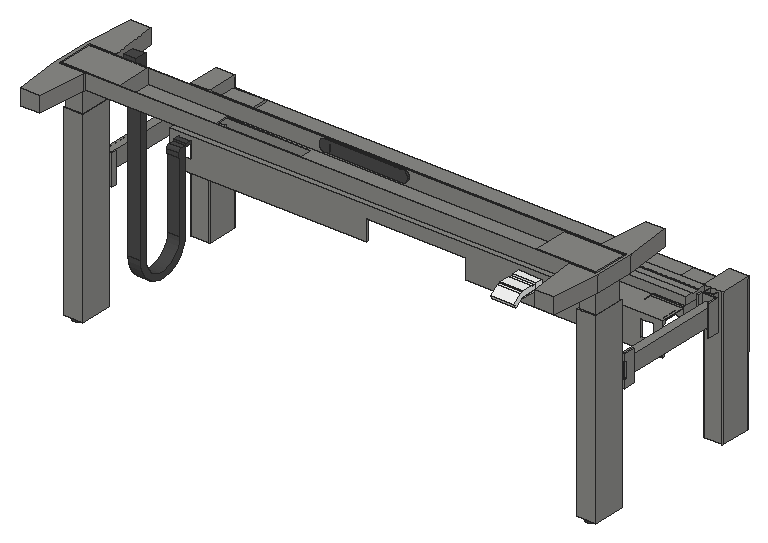
Revit family "Support-Teknion-HNBFNZ_Navigate_Single_Sided_Frame-R2016", category Furniture, Revit 2016
Family settings
  OmniClass Number = 23.40.20.00
  OmniClass Title = General Furniture and Specialties
  Work Plane-Based = No
  Always vertical = Yes
  Cut with Voids When Loaded = No
  Shared = Yes
  Room Calculation Point = No
Parameters (values of type "Standard Electric (27" - 43")")
  e-Chain Manager Finish [instance] = Plastic - Teknion - E - Ebony
  Wire Channel Finish [instance] = Paint - Teknion - Mica - Anthracite
  Width [instance] = 70.000"
  Warranty = "http://www.teknion.com/ca/papers/legal-canada"
  Unit Weight URL = "http://www.teknion.com/ca/tools/assets#&asset=bee6a381-b954-425e-8283-5a2de3a804f2,f828d448-4b62-4231-9e5f-9a8991c0ed77"
  URL = "www.teknion.com"
  To render please download texture images found here [instance] = "https://assets.teknion.com/web/5e81352c1dfdb467/revit-material-swatches/"
  Sustainability Data = "https://www.teknion.com/ca/tools/assets#&topic=216f99a5-57a0-44fc-b10a-9dee9b29ae4c&asset=444deb64-fe58-4b68-981e-f75e97781df7,b4ff2d81-9f2e-437d-9659-7cffb09c31cf"
  Single-Sided (A) [instance] = yes
  Single Sided (B) [instance] = no
  Right e-Chain [instance] = not([Left e-Chain])  # no
  Left e-Chain [instance] = yes
  Series = "Height-Adjustable Bench"  # constant formula
  Product Page URL = "https://www.teknion.com/ca/products/product-details?productLineId=7951336e-8e7a-673b-a6c8-ff00004460c4"
  Product Line = "Navigate"  # constant formula
  Product Documentation Link = "https://www.teknion.com/pricing/hab/pdfs/HNBFNZ_ppg.pdf"
  Power Tray Finish [instance] = Paint - Teknion - Mica - Anthracite
  Power Accessory Finish [instance] = Plastic - Teknion - White
  Part Number = "HNBFNZ"  # constant formula
  Outer Leg Layer Height = if(Extended Electrics Extended, 17.953", 22.736")  # 22.736"
  Not Extend Electrics Extended = not(Extended Electrics Extended)  # yes
  No Wire Channel [instance] = no
  Navigate Mid Gable - Metal (B) [instance] = no
  Navigate Mid Gable - Metal (A) [instance] = no
  Model = "HNBFNZ7S_"
  Mid Cover Finish [instance] = Paint - Teknion - Mica - Anthracite
  Manufacturer Phone = "416-661-3370"  # constant formula
  Manufacturer Fax = "416.661.4586"  # constant formula
  Manufacturer Contact Information = "http://www.teknion.com/ca/contactus"
  Manufacturer Address = "1150 Flint Road, Toronto, ON. M3J 2J5. Canada"  # constant formula
  Manufacturer = "Teknion"  # constant formula
  How To Use Teknion Materials User Guide [instance] = "https://assets.teknion.com/m/205dd0a49fa58060/original/How-to-add-a-Material-Library-and-Texture-Images-to-your-Revit-project.pdf"
  Horizontal Power Module [instance] = no
  Height [instance] = 29.000"
  Has Navigate Wire Channel [instance] = or([Single-Sided (A)], [Single Sided (B)])  # yes
  Depth of Mid Gable [instance] = if(Depth = 24.000", 21.361", 24.361")  # 24.361"
  Base Feed Cover Finish [instance] = Paint - Teknion - Mica - Anthracite
  Base Feed Cover (B) [instance] = no
  Base Feed Cover (A) [instance] = no
  Actual Height [instance] = Height - 1.000"  # 28.000"
  (HNBFCN)-Navigate Wire Channel Settings [instance] = "Select 1 of 3 options below"  # constant formula
  Frame Finish [instance] = Paint - Teknion - Mica - Anthracite
  Frame Cutout Offset [instance] = if(or(Width < 46.000", Width = 46.000"), 1.835", if(Width = 52.000", 4.835", 5.335"))  # 5.335"
  For Additional Finishes please visit [instance] = "https://assets.teknion.com/m/44a8009b046e5d47/original/Teknion_Materials_Library.zip"
  Description = "Navigate Single-Sided Frame, Standard Electric"
  Depth [instance] = 30.000"
  Available Widths [instance] = "46, 52, 58, 64, 70, 76, 82, 88, and 94 inches"  # constant formula
  Available Heights [instance] = if(Standard Electric, "27 Inches to 43 Inches", if(Extended Electrics Restricted, "25 Inches to 48.7 Inches", "22.6 Inches to 48.7 Inches"))  # "27 Inches to 43 Inches"
  Available Depths [instance] = "22, 23, 28, 29, 34, 35 inches"  # constant formula
  Assembly Code = "E2020200"
  Actual Width [instance] = Width - 3.610"  # 66.390"
  Actual Depth [instance] = if(Depth = 24.000", 26.856", if(Depth < 24.000", 26.856", 29.856"))  # 29.856"
  Extended Electrics Extended = no
  Extended Electrics Restricted = no
  Standard Electric = yes
  (HNBEPM) Navigate Power Module [instance] = "Select to turn on or off"  # constant formula
  (HNBEEE) Navigate e-Chain Vertical Cable Manager [instance] = "Select Orientation of each side"  # constant formula
  (HNBEBC) Navigate Base Feed Cover [instance] = "Select none or one of the options below"  # constant formula
  (HNBCGMMS) Navigate Single-Sided Mid Gable - Metal [instance] = "Select none, 1 or both options below. Select if power pole configuration is reuqired."  # constant formula
Reference planes (in)
  plane 1 "Center Front/Back": y = -6.78636
  plane 2: z = 0
  plane 3 "Center Left/Right": x = 0.04659
  plane 4 "Left": x = -34.95341
  plane 5 "Right": x = 35.04659
  plane 6 "Back": y = 6.99996
  plane 7 "Front": y = -23.00004
  plane 8 "Top": z = 28
  plane 9: y = 8.14164
  plane 10: x = 33.24159
  plane 11: y = -21.71436
  plane 12: x = -33.14841
  plane 13: z = 26.18898
  plane 14: z = 18.28633
  plane 15: z = 22.23765
  plane 16 "LEFT Reference for Frame Run": x = -35.93142
  plane 17 "RIGHT Reference for Frame Run": x = 36.02461
  plane 18 "Snap End Screen Here Left": x = -35.82728
  plane 19 "Snap End Screen Here Right": x = 35.92047
  plane 20: y = 8.68159
  plane 21: y = -15.67941
Forms (in)
  Sweep 1, solid, material "Paint - Teknion - Mica - Anthracite" <- "Frame Finish"
    path origin (-0.00321, -6.78636, 0) x (1, 0, 0) y (0, 0, 1)
      loop
        line (0.04659, 0.33333) -> (0.04659, 23.06933)
    profile origin (0.04338, -6.78636, 11.70133) x (-1, 0, 0) y (0, -1, 0)
      loop
        line (32.53919, 8.43202) -> (30.17698, 8.43202) -> (30.17698, 4.49501) -> (32.53919, 4.49501) -> (32.53919, 8.43202)
      loop
        line (-32.53919, 8.43202) -> (-32.53919, 4.49501) -> (-30.17698, 4.49501) -> (-30.17698, 8.43202) -> (-32.53919, 8.43202)
  Sweep 2, solid, material "Paint - Teknion - Mica - Anthracite" <- "Frame Finish", visible <- "Not Extend Electrics Extended"
    path origin (0.01078, -6.78636, 0) x (1, 0, 0) y (0, 0, 1)
      loop
        line (0.04659, 3.51183) -> (0.04659, 26.18898)
    profile origin (0.05737, -6.78636, 14.8504) x (-1, 0, 0) y (0, -1, 0)
      loop
        line (30.38783, 8.23519) -> (30.38783, 4.69186) -> (32.35634, 4.69186) -> (32.35634, 8.23519) -> (30.38783, 8.23519)
      loop
        line (-30.36641, 8.23519) -> (-32.33492, 8.23519) -> (-32.33492, 4.69186) -> (-30.36641, 4.69186) -> (-30.36641, 8.23519)
  Sweep 3, solid, material "Paint - Teknion - Mica - Anthracite" <- "Frame Finish"
    path origin (0, -6.78636, 0) x (1, 0, 0) y (0, 0, 1)
      loop
        line (0.04659, 26.07087) -> (0.04659, 28)
    profile origin (0.04659, -6.78636, 27.03543) x (-1, 0, 0) y (0, -1, 0)
      loop
        line (32.60445, 14.92811) -> (30.24224, 14.92811) -> (29.65169, 8.98322) -> (29.65169, 8.79337) -> (32.73256, 8.79337) -> (32.73256, 4.13371) -> (29.65169, 4.13371) -> (29.65169, 3.94385) -> (30.24224, -2.00103) -> (32.60445, -2.00103) -> (33.195, 3.94385) -> (33.195, 8.98322) -> (32.60445, 14.92811)
      loop
        line (-32.60445, 14.92811) -> (-33.195, 8.98322) -> (-33.195, 3.94385) -> (-32.60445, -2.00103) -> (-30.24224, -2.00103) -> (-29.65169, 3.94385) -> (-29.65169, 4.13371) -> (-32.73256, 4.13371) -> (-32.73256, 8.79337) -> (-29.65169, 8.79337) -> (-29.65169, 8.98322) -> (-30.24224, 14.92811) -> (-32.60445, 14.92811)
  Sweep 4, solid, material "Paint - Teknion - Mica - Anthracite" <- "Frame Finish"
    path origin (-0.04659, -6.78636, 0) x (1, 0, 0) y (0, 0, 1)
      loop
        line (0.04659, 26.18898) -> (0.04659, 28)
    profile origin (0, -6.78636, 27.09449) x (-1, 0, 0) y (0, -1, 0)
      loop
        line (25.44857, 8.62889) -> (25.44857, 4.29819) -> (32.69266, 4.29819) -> (32.69266, 8.62889) -> (25.44857, 8.62889)
      loop
        line (-25.5419, 8.62889) -> (-32.78599, 8.62889) -> (-32.78599, 4.29819) -> (-25.5419, 4.29819) -> (-25.5419, 8.62889)
  Sweep 5, solid, material "Paint - Teknion - Mica - Anthracite" <- "Frame Finish"
    path origin (0, 0, 0) x (1, 0, 0) y (0, 1, 0)
      loop
        line (-32.68573, -6.78636) -> (32.77892, -6.78636)
    profile origin (0.04659, -6.78636, 0) x (0, 1, 0) y (0, 0, 1)
      loop
        line (-8.75712, 28) -> (-8.75712, 26.08438) -> (-4.16996, 26.08438) -> (-4.16996, 28) -> (-4.27456, 28) -> (-4.27456, 26.18898) -> (-8.65252, 26.18898) -> (-8.65252, 28) -> (-8.75712, 28)
  Sweep 6, solid, material "Paint - Teknion - Mica - Anthracite" <- "Frame Finish"
    path origin (0, -6.78636, 0) x (1, 0, 0) y (0, 0, 1)
      loop
        line (0.04659, 13.02835) -> (0.04659, 16.79213)
    profile origin (0.04659, -6.78636, 14.91024) x (-1, 0, 0) y (0, -1, 0)
      loop
        line (32.36225, 2.40842) -> (32.36225, 3.78637) -> (30.3465, 3.78637) -> (30.3465, 3.19582) -> (30.48099, 3.19582) -> (30.48099, 3.65189) -> (32.22776, 3.65189) -> (32.22776, 2.40842) -> (32.36225, 2.40842)
      loop
        line (-32.36932, 2.38342) -> (-32.23483, 2.38342) -> (-32.23483, 3.62689) -> (-30.48806, 3.62689) -> (-30.48806, 3.17082) -> (-30.35357, 3.17082) -> (-30.35357, 3.76137) -> (-32.36932, 3.76137) -> (-32.36932, 2.38342)
      loop
        line (32.36918, -8.87938) -> (32.23469, -8.87938) -> (32.23469, -10.12284) -> (30.48792, -10.12284) -> (30.48792, -9.66678) -> (30.35343, -9.66678) -> (30.35343, -10.25733) -> (32.36918, -10.25733) -> (32.36918, -8.87938)
      loop
        line (-32.46241, -8.87938) -> (-32.46241, -10.25733) -> (-30.44666, -10.25733) -> (-30.44666, -9.66678) -> (-30.58115, -9.66678) -> (-30.58115, -10.12284) -> (-32.32792, -10.12284) -> (-32.32792, -8.87938) -> (-32.46241, -8.87938)
  Sweep 7, void
    path origin (0, 0, 0) x (1, 0, 0) y (0, 1, 0)
      loop
        line (0.04659, -10.298) -> (0.04659, -11.47823)
    profile origin (0.04659, -10.88812, 0) x (1, 0, 0) y (0, 0, 1)
      loop
        line (-31.97776, 15.9102) -> (-33.195, 15.9102) -> (-33.195, 13.91027) -> (-31.97776, 13.91027) -> (-31.97776, 15.9102)
      loop
        line (31.97776, 15.9102) -> (31.97776, 13.91027) -> (33.195, 13.91027) -> (33.195, 15.9102) -> (31.97776, 15.9102)
  Sweep 8, solid, material "Paint - Teknion - Mica - Anthracite" <- "Frame Finish"
    path origin (0, -6.78636, 0) x (1, 0, 0) y (0, 0, 1)
      loop
        line (0.04659, 16.91024) -> (0.04659, 12.91024)
    profile origin (0.04659, -6.78636, 14.91024) x (0, -1, 0) y (1, 0, 0)
      loop
        line (4.49501, -31.94493) -> (4.49501, -31.81044) -> (3.92086, -31.81044) -> (3.92086, -30.89831) -> (4.49501, -30.89831) -> (4.49501, -30.76382) -> (3.78637, -30.76382) -> (3.78637, -31.94493) -> (4.49501, -31.94493)
      loop
        line (4.49501, 31.95199) -> (3.78637, 31.95199) -> (3.78637, 30.77089) -> (4.49501, 30.77089) -> (4.49501, 30.90538) -> (3.92086, 30.90538) -> (3.92086, 31.81751) -> (4.49501, 31.81751) -> (4.49501, 31.95199)
      loop
        line (-10.99097, -31.95176) -> (-10.28233, -31.95176) -> (-10.28233, -30.77066) -> (-10.99097, -30.77066) -> (-10.99097, -30.90515) -> (-10.41682, -30.90515) -> (-10.41682, -31.81727) -> (-10.99097, -31.81727) -> (-10.99097, -31.95176)
      loop
        line (-10.99099, 31.95199) -> (-10.99099, 31.81751) -> (-10.41684, 31.81751) -> (-10.41684, 30.90538) -> (-10.99099, 30.90538) -> (-10.99099, 30.77089) -> (-10.28236, 30.77089) -> (-10.28236, 31.95199) -> (-10.99099, 31.95199)
  Sweep 9, solid, material "Paint - Teknion - Mica - Anthracite" <- "Frame Finish"
    path origin (-0.0466, 0, 0) x (1, 0, 0) y (0, 1, 0)
      loop
        line (0.04659, 3.33648) -> (0.04659, -10.43825)
    profile origin (0, -3.55089, 0) x (1, 0, 0) y (0, 0, 1)
      loop
        line (-31.1881, 16.1089) -> (-32.1881, 16.1089) -> (-32.1881, 14.10893) -> (-31.1881, 14.10893) -> (-31.1881, 16.1089)
      loop
        line (-32.0631, 15.9839) -> (-32.0631, 14.2339) -> (-31.3131, 14.2339) -> (-31.3131, 15.9839) -> (-32.0631, 15.9839)
      loop
        line (31.28142, 16.1089) -> (31.28142, 14.10893) -> (32.28142, 14.10893) -> (32.28142, 16.1089) -> (31.28142, 16.1089)
      loop
        line (32.15642, 15.9839) -> (31.40642, 15.9839) -> (31.40642, 14.2339) -> (32.15642, 14.2339) -> (32.15642, 15.9839)
  Sweep 10, void
    path origin (0, -6.78636, 0) x (1, 0, 0) y (0, 0, 1)
      loop
        line (0.04659, 25.5) -> (0.04659, 28)
    profile origin (0.04659, -6.78636, 26.75) x (-1, 0, 0) y (0, -1, 0)
      loop
        line (29.97642, 4.27456) -> (32.73233, 4.27456) -> (32.73233, 8.65252) -> (29.97642, 8.65252) -> (29.97642, 4.27456)
      loop
        line (-29.97642, 4.27456) -> (-29.97642, 8.65252) -> (-32.73233, 8.65252) -> (-32.73233, 4.27456) -> (-29.97642, 4.27456)
  Sweep 11, void
    path origin (0, -6.78636, 0) x (1, 0, 0) y (0, 0, 1)
      loop
        line (0.04659, 28) -> (0.04659, 25.5)
    profile origin (0.04659, -6.78636, 26.75) x (0, -1, 0) y (1, 0, 0)
      loop
        line (4.54398, -15.68933) -> (8.3831, -15.68933) -> (8.3831, -5.335) -> (4.54398, -5.335) -> (4.54398, -15.68933)
  Sweep 12, void
    path origin (0, 0, 0) x (1, 0, 0) y (0, 1, 0)
      loop
        line (0.04659, -13.21436) -> (0.04659, -10.71436)
    profile origin (0.04659, -11.96436, 0) x (-1, 0, 0) y (0, 0, 1)
      loop
        line (3.24921, 27.74409) -> (1.81102, 27.74409) -> (1.81102, 26.64173) -> (3.24921, 26.64173) -> (3.24921, 27.74409)
      loop
        line (1.33858, 26.64173) -> (1.33858, 27.74409) -> (0.23622, 27.74409) -> (0.23622, 26.64173) -> (1.33858, 26.64173)
      loop
        line (-0.23622, 27.74409) -> (-1.33858, 27.74409) -> (-1.33858, 26.64173) -> (-0.23622, 26.64173) -> (-0.23622, 27.74409)
      loop
        line (-1.81102, 26.64173) -> (-1.81102, 27.74409) -> (-2.91339, 27.74409) -> (-2.91339, 26.64173) -> (-1.81102, 26.64173)
      loop
        line (-3.89665, 26.75886) -> (-3.89665, 27.62697) -> (-4.76476, 27.62697) -> (-4.76476, 26.75886) -> (-3.89665, 26.75886)
  Sweep 13, solid, material "Plastic - Teknion - E - Ebony"
    path origin (0, 0, 0) x (1, 0, 0) y (0, 1, 0)
      loop
        line (0.04659, -11.06093) -> (0.04659, -11.19872)
    profile origin (0.04659, -11.12982, 0) x (1, 0, 0) y (0, 0, 1)
      loop
        arc (6.3189, 27.31103) -> (6.14593, 27.72861) -> (5.72835, 27.90158) r 0.59055
        line (5.72835, 27.90158) -> (-3.83858, 27.90158)
        arc (-3.83858, 27.90158) -> (-4.25617, 27.72861) -> (-4.42913, 27.31103) r 0.59055
        line (-4.42913, 27.31103) -> (-4.42913, 27.07481)
        arc (-4.42913, 27.07481) -> (-4.25617, 26.65722) -> (-3.83858, 26.48426) r 0.59055
        line (-3.83858, 26.48426) -> (5.72835, 26.48426)
        arc (5.72835, 26.48426) -> (6.14593, 26.65722) -> (6.3189, 27.07481) r 0.59055
        line (6.3189, 27.07481) -> (6.3189, 27.31103)
  Sweep 14, solid, material "Paint - Teknion - Mica - Anthracite" <- "Frame Finish", visible <- "Extended Electrics Extended"
    path origin (0.01078, -6.78636, 0) x (1, 0, 0) y (0, 0, 1)
      loop
        line (0.04659, 22.23765) -> (0.04659, 4.59965)
    profile origin (0.05737, -6.78636, 13.41865) x (0, -1, 0) y (1, 0, 0)
      loop
        line (8.23519, -32.35634) -> (8.23519, -30.38783) -> (4.69189, -30.38783) -> (4.69189, -32.35634) -> (8.23519, -32.35634)
      loop
        line (8.23519, 32.33492) -> (4.69189, 32.33492) -> (4.69189, 30.36641) -> (8.23519, 30.36641) -> (8.23519, 32.33492)
  Sweep 15, solid, material "Paint - Teknion - Mica - Anthracite" <- "Frame Finish", visible <- "Extended Electrics Extended"
    path origin (0.05367, -6.78636, 0) x (1, 0, 0) y (0, 0, 1)
      loop
        line (0.04659, 26.18898) -> (0.04659, 9.04298)
    profile origin (0.10026, -6.78636, 17.61598) x (0, -1, 0) y (1, 0, 0)
      loop
        line (8.03834, -32.14178) -> (8.03834, -30.56697) -> (4.88874, -30.56697) -> (4.88874, -32.14178) -> (8.03834, -32.14178)
      loop
        line (8.03834, 32.14178) -> (4.88874, 32.14178) -> (4.88874, 30.56697) -> (8.03834, 30.56697) -> (8.03834, 32.14178)
  Sweep 16, solid, material "Plastic - Teknion - E - Ebony"
    path origin (0.04372, -6.78636, 0) x (1, 0, 0) y (0, 0, 1)
      loop
        line (0.04659, 0) -> (0.04659, 0.13267)
    profile origin (0.09032, -6.78636, 0.06634) x (-1, 0, 0) y (0, -1, 0)
      loop
        circle (31.40197, 7.69936) r 0.59447
      loop
        circle (-31.32077, 7.69936) r 0.59447
      loop
        circle (31.39807, -14.19136) r 0.59447
      loop
        circle (-31.32468, -14.19136) r 0.59447
  Sweep 17, solid, material "Paint - Teknion - Mica - Very White"
    path origin (0, 0, 0) x (1, 0, 0) y (0, 1, 0)
      loop
        line (29.59129, -6.78636) -> (26.76595, -6.78636)
    profile origin (28.17862, -6.78636, 0) x (0, -1, 0) y (0, 0, 1)
      loop
        line (17.18103, 27.03471) -> (16.19559, 27.86159) -> (15.81427, 27.86159) -> (15.81427, 28) -> (14.456, 28) -> (14.456, 27.86159) -> (13.95604, 27.86159) -> (13.95604, 27.35534) -> (16.00904, 27.35534) -> (16.85467, 26.64577) -> (17.18103, 27.03471)
      loop
        line (13.81332, 28) -> (12.94729, 28) -> (12.94729, 27.29921) -> (13.74193, 27.29921) -> (13.85988, 27.18126) -> (15.77254, 27.18126) -> (15.85045, 27.25917) -> (13.92818, 27.25917)
        arc (13.92818, 27.25917) -> (13.84696, 27.29281) -> (13.81332, 27.37403) r 0.11486
        line (13.81332, 27.37403) -> (13.81332, 28)
  Sweep 18, solid, material "Paint - Teknion - Mica - Anthracite" <- "Wire Channel Finish", visible <- "Single-Sided (A)"
    path origin (0.04657, 9.80112, 0) x (1, 0, 0) y (0, 1, 0)
      loop
        line (-30.07991, -6.78636) -> (30.08009, -6.78636)
    profile origin (0.04666, 3.01476, 0) x (0, 1, 0) y (0, 0, 1)
      loop
        line (5, 11.8398) -> (5, 15.8398) -> (1.47638, 15.8398) -> (1.47638, 16.9648) -> (0.54, 16.9648) -> (0.53, 16.7768) -> (-0.53, 16.7768) -> (-0.54, 16.9648) -> (-1.47638, 16.9648) -> (-1.47638, 15.8398) -> (-5, 15.8398) -> (-5, 11.8398) -> (-4.844, 11.8398) -> (-4.844, 12.4648) -> (-4.892, 12.4648) -> (-4.892, 11.89006) -> (-4.952, 11.89006) -> (-4.952, 15.3418) -> (4.952, 15.3418) -> (4.952, 11.89006) -> (4.892, 11.89006) -> (4.892, 12.4648) -> (4.844, 12.4648) -> (4.844, 11.8398) -> (5, 11.8398)
  Sweep 19, void
    path origin (0, 9.80112, 0) x (1, 0, 0) y (0, 1, 0)
      loop
        line (0.04659, -6.78636) -> (0.04659, -12.28636)
    profile origin (0.04659, 0.26476, 0) x (1, 0, 0) y (0, 0, 1)
      loop
        line (-6, 14.3398) -> (-6, 11.8398) -> (6, 11.8398) -> (6, 14.3398) -> (-6, 14.3398)
      loop
        line (-29.0315, 15.2218) -> (-29.0315, 13.2218) -> (-27.4815, 13.2218) -> (-27.4815, 15.2218) -> (-29.0315, 15.2218)
      loop
        line (27.4815, 15.2199) -> (27.4815, 13.2199) -> (29.0315, 13.2199) -> (29.0315, 15.2199) -> (27.4815, 15.2199)
  Sweep 20, void
    path origin (0.04657, -6.78636, 0) x (1, 0, 0) y (0, 0, 1)
      loop
        line (0.04659, 15.7918) -> (0.04659, 10.7918)
    profile origin (0.09316, -6.78636, 13.2918) x (0, -1, 0) y (1, 0, 0)
      loop
        line (-14.64512, -26.0965) -> (-14.64512, -30.1265) -> (-5.17612, -30.1265) -> (-5.17612, -29.7515) -> (-7.17612, -29.7515) -> (-7.17612, -26.0965) -> (-14.64512, -26.0965)
      loop
        line (-14.64512, 26.0035) -> (-7.17612, 26.0035) -> (-7.17612, 29.6585) -> (-5.17612, 29.6585) -> (-5.17612, 30.0335) -> (-14.64512, 30.0335) -> (-14.64512, 26.0035)
  Sweep 21, solid, material "Paint - Teknion - Mica - Anthracite" <- "Wire Channel Finish", visible <- "Has Navigate Wire Channel"
    path origin (-0.04643, 9.80112, 0) x (1, 0, 0) y (0, 1, 0)
      loop
        line (0.04659, -8.57486) -> (0.04659, -2.07486)
    profile origin (0.00016, 4.47626, 0) x (-1, 0, 0) y (0, 0, 1)
      loop
        line (30.1065, 13.8339) -> (30.1065, 15.9918) -> (26.1065, 15.9918) -> (26.1065, 15.63964) -> (30.0015, 14.63188) -> (30.0015, 13.8339) -> (30.1065, 13.8339)
      loop
        line (-30.1995, 13.8339) -> (-30.0945, 13.8339) -> (-30.0945, 14.63188) -> (-26.1995, 15.63964) -> (-26.1995, 15.9918) -> (-30.1995, 15.9918) -> (-30.1995, 13.8339)
  Sweep 22, solid, material "Paint - Teknion - Mica - Anthracite" <- "Wire Channel Finish", visible <- "Single Sided (B)"
    path origin (0.04657, 9.80112, 0) x (1, 0, 0) y (0, 1, 0)
      loop
        line (-30.07991, -6.78636) -> (30.08009, -6.78636)
    profile origin (0.04666, 3.01476, 0) x (0, 1, 0) y (0, 0, 1)
      loop
        line (5, 11.8398) -> (5, 15.8398) -> (1.47638, 15.8398) -> (1.47638, 16.9648) -> (0.54, 16.9648) -> (0.53, 16.7768) -> (-0.53, 16.7768) -> (-0.54, 16.9648) -> (-1.47638, 16.9648) -> (-1.47638, 15.8398) -> (-5, 15.8398) -> (-5, 11.8398) -> (-4.844, 11.8398) -> (-4.844, 12.4648) -> (-4.892, 12.4648) -> (-4.892, 11.89006) -> (-4.952, 11.89006) -> (-4.952, 15.3418) -> (4.952, 15.3418) -> (4.952, 11.89006) -> (4.892, 11.89006) -> (4.892, 12.4648) -> (4.844, 12.4648) -> (4.844, 11.8398) -> (5, 11.8398)
  Sweep 23, void
    path origin (0, 9.80112, 0) x (1, 0, 0) y (0, 1, 0)
      loop
        line (0.04659, -6.78636) -> (0.04659, -1.28636)
    profile origin (0.04659, 5.76476, 0) x (-1, 0, 0) y (0, 0, 1)
      loop
        line (6, 14.3398) -> (-6, 14.3398) -> (-6, 11.8398) -> (6, 11.8398) -> (6, 14.3398)
      loop
        line (29.0315, 15.2218) -> (27.4815, 15.2218) -> (27.4815, 13.2218) -> (29.0315, 13.2218) -> (29.0315, 15.2218)
      loop
        line (-27.4815, 15.2199) -> (-29.0315, 15.2199) -> (-29.0315, 13.2199) -> (-27.4815, 13.2199) -> (-27.4815, 15.2199)
  Sweep 24, solid, material "Paint - Teknion - Mica - Anthracite" <- "Power Tray Finish", visible <- "Horizontal Power Module"
    path origin (0, 9.80112, 0) x (1, 0, 0) y (0, 1, 0)
      loop
        line (-7.20341, -6.78636) -> (7.29659, -6.78636)
    profile origin (0.04659, 3.01476, 0) x (0, 1, 0) y (0, 0, 1)
      loop
        line (1.975, 15.3418) -> (1.394, 15.3418) -> (1.394, 11.2398) -> (-1.394, 11.2398) -> (-1.394, 15.3418) -> (-1.975, 15.3418) -> (-1.975, 15.2938) -> (-1.442, 15.2938) -> (-1.442, 11.1918) -> (1.442, 11.1918) -> (1.442, 15.2938) -> (1.975, 15.2938) -> (1.975, 15.3418)
  Sweep 25, solid, material "Paint - Teknion - Mica - Anthracite" <- "Power Tray Finish", visible <- "Horizontal Power Module"
    path origin (0, 9.80112, 0) x (1, 0, 0) y (0, 1, 0)
      loop
        line (-6.44947, -6.78636) -> (6.54266, -6.78636)
    profile origin (0.04659, 3.01476, 0) x (0, 1, 0) y (0, 0, 1)
      loop
        line (1.442, 14.51019) -> (1.442, 11.63618) -> (1.56011, 11.63618) -> (1.56011, 14.51019) -> (1.442, 14.51019)
      loop
        line (-1.442, 14.51019) -> (-1.56011, 14.51019) -> (-1.56011, 11.63618) -> (-1.442, 11.63618) -> (-1.442, 14.51019)
  Sweep 26, void
    path origin (0, 9.80112, 0) x (1, 0, 0) y (0, 1, 0)
      loop
        line (0.04659, -4.81136) -> (0.04659, -8.76136)
    profile origin (0.04659, 3.01476, 0) x (1, 0, 0) y (0, 0, 1)
      loop
        arc (-5.17913, 13.74247) -> (-5.26265, 13.70788) -> (-5.29724, 13.62436) r 0.11811
        line (-5.29724, 13.62436) -> (-5.29724, 12.08893)
        arc (-5.29724, 12.08893) -> (-5.26265, 12.00541) -> (-5.17913, 11.97082) r 0.11811
        line (-5.17913, 11.97082) -> (-2.52165, 11.97082)
        arc (-2.52165, 11.97082) -> (-2.43814, 12.00541) -> (-2.40354, 12.08893) r 0.11811
        line (-2.40354, 12.08893) -> (-2.40354, 13.62436)
        arc (-2.40354, 13.62436) -> (-2.43814, 13.70788) -> (-2.52165, 13.74247) r 0.11811
        line (-2.52165, 13.74247) -> (-5.17913, 13.74247)
      loop
        arc (-1.29528, 13.54759) -> (-1.33703, 13.5303) -> (-1.35433, 13.48854) r 0.05906
        line (-1.35433, 13.48854) -> (-1.35433, 12.22476)
        arc (-1.35433, 12.22476) -> (-1.33703, 12.183) -> (-1.29528, 12.1657) r 0.05906
        line (-1.29528, 12.1657) -> (1.29528, 12.1657)
        arc (1.29528, 12.1657) -> (1.33703, 12.183) -> (1.35433, 12.22476) r 0.05906
        line (1.35433, 12.22476) -> (1.35433, 13.48854)
        arc (1.35433, 13.48854) -> (1.33703, 13.5303) -> (1.29528, 13.54759) r 0.05906
        line (1.29528, 13.54759) -> (-1.29528, 13.54759)
      loop
        arc (2.52165, 13.74247) -> (2.43814, 13.70788) -> (2.40354, 13.62436) r 0.11811
        line (2.40354, 13.62436) -> (2.40354, 12.08893)
        arc (2.40354, 12.08893) -> (2.43814, 12.00541) -> (2.52165, 11.97082) r 0.11811
        line (2.52165, 11.97082) -> (5.17913, 11.97082)
        arc (5.17913, 11.97082) -> (5.26265, 12.00541) -> (5.29724, 12.08893) r 0.11811
        line (5.29724, 12.08893) -> (5.29724, 13.62436)
        arc (5.29724, 13.62436) -> (5.26265, 13.70788) -> (5.17913, 13.74247) r 0.11811
        line (5.17913, 13.74247) -> (2.52165, 13.74247)
  Sweep 27, solid, material "Plastic - Teknion - White" <- "Power Accessory Finish", visible <- "Horizontal Power Module"
    path origin (0, 9.80112, 0) x (1, 0, 0) y (0, 1, 0)
      loop
        line (0.04659, -8.50372) -> (0.04659, -7.378)
    profile origin (0.04659, 1.86027, 0) x (-1, 0, 0) y (0, 0, 1)
      loop
        spline (2.56832, 13.70432) -> (2.55204, 13.70318) -> (2.53616, 13.69992) -> (2.5209, 13.6947) -> (2.50636, 13.68749) -> (2.49288, 13.67847) -> (2.48074, 13.66783) -> (2.47004, 13.65568) -> (2.46099, 13.64221) -> (2.45376, 13.62771) -> (2.44847, 13.61251) -> (2.44526, 13.59682) -> (2.44402, 13.5807)
        line (2.44402, 13.5807) -> (2.44402, 12.10255)
        spline (2.44402, 12.10255) -> (2.44516, 12.08627) -> (2.44841, 12.07039) -> (2.45364, 12.05513) -> (2.46085, 12.04059) -> (2.46986, 12.02711) -> (2.48051, 12.01497) -> (2.49266, 12.00427) -> (2.50613, 11.99522) -> (2.52063, 11.98799) -> (2.53583, 11.98271) -> (2.55152, 11.97949) -> (2.56764, 11.97825)
        line (2.56764, 11.97825) -> (5.1411, 11.97825)
        spline (5.1411, 11.97825) -> (5.1575, 11.97933) -> (5.17355, 11.98253) -> (5.18903, 11.9878) -> (5.20369, 11.99505) -> (5.21725, 12.00412) -> (5.2295, 12.01487) -> (5.24029, 12.0272) -> (5.24937, 12.04077) -> (5.25657, 12.05538) -> (5.26182, 12.07088) -> (5.26502, 12.08688) -> (5.26609, 12.10319)
        line (5.26609, 12.10319) -> (5.26609, 13.57933)
        spline (5.26609, 13.57933) -> (5.26501, 13.59573) -> (5.26181, 13.61178) -> (5.25654, 13.62726) -> (5.24929, 13.64192) -> (5.24022, 13.65548) -> (5.22947, 13.66773) -> (5.21714, 13.67853) -> (5.20357, 13.6876) -> (5.18896, 13.6948) -> (5.17345, 13.70005) -> (5.15745, 13.70325) -> (5.14114, 13.70432)
        line (5.14114, 13.70432) -> (2.56832, 13.70432)
      loop
        line (4.62393, 13.18466) -> (4.18217, 13.18466) -> (4.18217, 12.9979) -> (4.62393, 12.9979) -> (4.62393, 13.18466)
      loop
        line (5.02593, 12.6864) -> (5.02593, 12.99616) -> (4.87105, 12.99616)
        spline (4.87105, 12.99616) -> (4.83097, 12.99089) -> (4.79363, 12.97542) -> (4.76154, 12.9508) -> (4.73692, 12.91873) -> (4.72145, 12.88139) -> (4.71617, 12.84128) -> (4.72145, 12.8012) -> (4.73691, 12.76386) -> (4.76154, 12.73177) -> (4.79361, 12.70715) -> (4.83095, 12.69168) -> (4.87105, 12.6864)
        line (4.87105, 12.6864) -> (5.02593, 12.6864)
      loop
        line (4.59143, 12.68466) -> (4.21467, 12.68466) -> (4.21467, 12.4979) -> (4.59143, 12.4979) -> (4.59143, 12.68466)
      loop
        line (3.49493, 12.6864) -> (3.49493, 12.99616) -> (3.34005, 12.99616)
        spline (3.34005, 12.99616) -> (3.29997, 12.99089) -> (3.26263, 12.97542) -> (3.23054, 12.9508) -> (3.20592, 12.91873) -> (3.19045, 12.88139) -> (3.18517, 12.84128) -> (3.19045, 12.8012) -> (3.20591, 12.76386) -> (3.23054, 12.73177) -> (3.26261, 12.70715) -> (3.29995, 12.69168) -> (3.34005, 12.6864)
        line (3.34005, 12.6864) -> (3.49493, 12.6864)
      loop
        line (3.09293, 13.18466) -> (2.65117, 13.18466) -> (2.65117, 12.9979) -> (3.09293, 12.9979) -> (3.09293, 13.18466)
      loop
        line (3.06043, 12.68466) -> (2.68367, 12.68466) -> (2.68367, 12.4979) -> (3.06043, 12.4979) -> (3.06043, 12.68466)
      loop
        spline (-5.13247, 13.70432) -> (-5.14874, 13.70318) -> (-5.16463, 13.69992) -> (-5.17989, 13.6947) -> (-5.19443, 13.68749) -> (-5.2079, 13.67847) -> (-5.22005, 13.66783) -> (-5.23075, 13.65568) -> (-5.2398, 13.64221) -> (-5.24703, 13.62771) -> (-5.25231, 13.61251) -> (-5.25553, 13.59682) -> (-5.25677, 13.5807)
        line (-5.25677, 13.5807) -> (-5.25677, 12.10255)
        spline (-5.25677, 12.10255) -> (-5.25563, 12.08627) -> (-5.25237, 12.07039) -> (-5.24715, 12.05513) -> (-5.23994, 12.04059) -> (-5.23092, 12.02711) -> (-5.22028, 12.01497) -> (-5.20813, 12.00427) -> (-5.19466, 11.99522) -> (-5.18016, 11.98799) -> (-5.16496, 11.98271) -> (-5.14927, 11.97949) -> (-5.13315, 11.97825)
        line (-5.13315, 11.97825) -> (-2.55969, 11.97825)
        spline (-2.55969, 11.97825) -> (-2.54328, 11.97933) -> (-2.52723, 11.98253) -> (-2.51176, 11.9878) -> (-2.49709, 11.99505) -> (-2.48353, 12.00412) -> (-2.47129, 12.01487) -> (-2.46049, 12.0272) -> (-2.45142, 12.04077) -> (-2.44422, 12.05538) -> (-2.43896, 12.07088) -> (-2.43577, 12.08688) -> (-2.4347, 12.10319)
        line (-2.4347, 12.10319) -> (-2.4347, 13.57933)
        spline (-2.4347, 13.57933) -> (-2.43578, 13.59573) -> (-2.43898, 13.61178) -> (-2.44425, 13.62726) -> (-2.4515, 13.64192) -> (-2.46057, 13.65548) -> (-2.47132, 13.66773) -> (-2.48365, 13.67853) -> (-2.49722, 13.6876) -> (-2.51183, 13.6948) -> (-2.52733, 13.70005) -> (-2.54334, 13.70325) -> (-2.55964, 13.70432)
        line (-2.55964, 13.70432) -> (-5.13247, 13.70432)
      loop
        line (-3.07685, 13.18466) -> (-3.51861, 13.18466) -> (-3.51861, 12.9979) -> (-3.07685, 12.9979) -> (-3.07685, 13.18466)
      loop
        line (-2.67485, 12.6864) -> (-2.67485, 12.99616) -> (-2.82973, 12.99616)
        spline (-2.82973, 12.99616) -> (-2.86982, 12.99089) -> (-2.90716, 12.97542) -> (-2.93925, 12.9508) -> (-2.96386, 12.91873) -> (-2.97933, 12.88139) -> (-2.98461, 12.84128) -> (-2.97934, 12.8012) -> (-2.96387, 12.76386) -> (-2.93925, 12.73177) -> (-2.90718, 12.70715) -> (-2.86984, 12.69168) -> (-2.82973, 12.6864)
        line (-2.82973, 12.6864) -> (-2.67485, 12.6864)
      loop
        line (-3.10935, 12.68466) -> (-3.48611, 12.68466) -> (-3.48611, 12.4979) -> (-3.10935, 12.4979) -> (-3.10935, 12.68466)
      loop
        line (-4.20585, 12.6864) -> (-4.20585, 12.99616) -> (-4.36073, 12.99616)
        spline (-4.36073, 12.99616) -> (-4.40082, 12.99089) -> (-4.43816, 12.97542) -> (-4.47025, 12.9508) -> (-4.49486, 12.91873) -> (-4.51033, 12.88139) -> (-4.51561, 12.84128) -> (-4.51034, 12.8012) -> (-4.49487, 12.76386) -> (-4.47025, 12.73177) -> (-4.43818, 12.70715) -> (-4.40084, 12.69168) -> (-4.36073, 12.6864)
        line (-4.36073, 12.6864) -> (-4.20585, 12.6864)
      loop
        line (-4.60785, 13.18466) -> (-5.04961, 13.18466) -> (-5.04961, 12.9979) -> (-4.60785, 12.9979) -> (-4.60785, 13.18466)
      loop
        line (-4.64035, 12.68466) -> (-5.01711, 12.68466) -> (-5.01711, 12.4979) -> (-4.64035, 12.4979) -> (-4.64035, 12.68466)
  Sweep 28, solid, material "Paint - Teknion - Mica - Anthracite" <- "Base Feed Cover Finish", visible <- "Base Feed Cover (A)"
    path origin (-4.12712, -6.78636, 0) x (1, 0, 0) y (0, 0, 1)
      loop
        line (0.04659, 0) -> (0.04659, 13.53937)
    profile origin (-4.08052, -6.78636, 6.76969) x (-1, 0, 0) y (0, -1, 0)
      loop
        line (27.82498, -8.76573) -> (30.18719, -8.76573) -> (30.18719, -8.14073) -> (30.13939, -8.14073) -> (30.13939, -8.71773) -> (27.87298, -8.71773) -> (27.87298, -6.45152) -> (30.13939, -6.45152) -> (30.13939, -7.02852) -> (30.18719, -7.02852) -> (30.18719, -6.40352) -> (27.82498, -6.40352) -> (27.82498, -8.76573)
  Sweep 29, solid, material "Paint - Teknion - Mica - Anthracite" <- "Base Feed Cover Finish", visible <- "Base Feed Cover (A)"
    path origin (-4.12702, -6.78636, 0) x (1, 0, 0) y (0, 0, 1)
      loop
        line (0.04659, 13.8057) -> (0.04659, 13.7459)
    profile origin (-4.08043, -6.78636, 13.7758) x (0, -1, 0) y (1, 0, 0)
      loop
        line (-8.52951, -27.68258) -> (-8.52951, -27.93258) -> (-6.63974, -27.93258) -> (-6.63974, -27.68258) -> (-6.1673, -27.68258) -> (-6.1673, -26.30758) -> (-9.00195, -26.30758) -> (-9.00195, -27.68258) -> (-8.52951, -27.68258)
      loop
        line (-8.52951, 35.93662) -> (-9.00195, 35.93662) -> (-9.00195, 34.56162) -> (-6.1673, 34.56162) -> (-6.1673, 35.93662) -> (-6.63974, 35.93662) -> (-6.63974, 36.18662) -> (-8.52951, 36.18662) -> (-8.52951, 35.93662)
  Sweep 30, solid, material "Paint - Teknion - Mica - Anthracite" <- "Base Feed Cover Finish", visible <- "Base Feed Cover (A)"
    path origin (-4.12712, 7.58462, 0) x (1, 0, 0) y (0, 1, 0)
      loop
        line (0.04659, -5.84148) -> (0.04659, -7.73125)
    profile origin (-4.08052, 0.79826, 0) x (1, 0, 0) y (0, 0, 1)
      loop
        line (-27.93258, 13.7459) -> (-27.93258, 9.1857) -> (-27.87298, 9.1857) -> (-27.87298, 13.7459) -> (-27.93258, 13.7459)
      loop
        line (-27.92041, 1.03937) -> (-27.92041, 0.08717) -> (-30.10002, 0.08717) -> (-30.10002, 0) -> (-28.10002, 0) -> (-28.10002, 0.03937) -> (-27.87298, 0.03937) -> (-27.87298, 1.03937) -> (-27.92041, 1.03937)
  Sweep 31, solid, material "Paint - Teknion - Mica - Anthracite" <- "Base Feed Cover Finish", visible <- "Base Feed Cover (A)"
    path origin (-4.12702, 9.80112, 0) x (1, 0, 0) y (0, 1, 0)
      loop
        line (-20.86093, -6.78636) -> (-15.63993, -6.78636)
    profile origin (-22.37745, 3.01476, 0) x (0, 1, 0) y (0, 0, 1)
      loop
        line (1.9125, 15.3418) -> (-1.9125, 15.3418) -> (-1.9125, 15.2938) -> (-1.3605, 15.2938) -> (-1.3605, 10.29381) -> (1.3605, 10.29381) -> (1.3605, 15.2938) -> (1.9125, 15.2938) -> (1.9125, 15.3418)
  Sweep 32, void
    path origin (-4.12702, -6.78636, 0) x (1, 0, 0) y (0, 0, 1)
      loop
        line (0.04659, 10.34181) -> (0.04659, 15.3418)
    profile origin (-4.08043, -6.78636, 12.84181) x (-1, 0, 0) y (0, -1, 0)
      loop
        line (20.85952, -11.11362) -> (20.85952, -11.71362) -> (20.90752, -11.71362) -> (20.90752, -11.08362) -> (20.85952, -11.08362) -> (20.85952, -8.51862) -> (20.90752, -8.51862) -> (20.90752, -7.88862) -> (20.85952, -7.88862) -> (20.85952, -8.48862) -> (15.73452, -8.48862) -> (15.73452, -7.88862) -> (15.68652, -7.88862) -> (15.68652, -8.51862) -> (15.73452, -8.51862) -> (15.73452, -11.08362) -> (15.68652, -11.08362) -> (15.68652, -11.71362) -> (15.73452, -11.71362) -> (15.73452, -11.11362) -> (20.85952, -11.11362)
      loop
        line (18.39077, -7.88862) -> (18.20327, -7.88862) -> (18.20327, -8.2961) -> (18.39077, -8.2961) -> (18.39077, -7.88862)
      loop
        line (19.54702, -11.71362) -> (19.54702, -11.16162) -> (17.04702, -11.16162) -> (17.04702, -11.71362) -> (19.54702, -11.71362)
  Sweep 33, void
    path origin (-4.12702, 9.80112, 0) x (1, 0, 0) y (0, 1, 0)
      loop
        line (-20.86093, -6.78636) -> (-15.63993, -6.78636)
    profile origin (-22.37745, 3.01476, 0) x (0, 1, 0) y (0, 0, 1)
      loop
        line (-1.3125, 11.91881) -> (1.3125, 11.91881) -> (1.3125, 15.3418) -> (-1.3125, 15.3418) -> (-1.3125, 11.91881)
  Sweep 34, void
    path origin (-4.12702, 9.80112, 0) x (1, 0, 0) y (0, 1, 0)
      loop
        line (0.04659, -6.78636) -> (0.04659, -9.28636)
    profile origin (-4.08043, 1.76476, 0) x (1, 0, 0) y (0, 0, 1)
      loop
        line (-20.85952, 15.19359) -> (-20.85952, 14.64241) -> (-20.2296, 14.64241) -> (-20.2296, 15.19359) -> (-20.85952, 15.19359)
      loop
        line (-16.36444, 15.19359) -> (-16.36444, 14.64241) -> (-15.73452, 14.64241) -> (-15.73452, 15.19359) -> (-16.36444, 15.19359)
  Sweep 35, void
    path origin (-4.12702, 9.80112, 0) x (1, 0, 0) y (0, 1, 0)
      loop
        line (0.04659, -6.78636) -> (0.04659, -4.28636)
    profile origin (-4.08043, 4.26476, 0) x (-1, 0, 0) y (0, 0, 1)
      loop
        line (19.54702, 15.3418) -> (17.04702, 15.3418) -> (17.04702, 15.02685) -> (17.50962, 15.02685) -> (17.50962, 12.1922) -> (19.08443, 12.1922) -> (19.08443, 15.02685) -> (19.54702, 15.02685) -> (19.54702, 15.3418)
      loop
        line (17.11248, 11.6489) -> (15.73452, 11.6489) -> (15.73452, 11.17646) -> (17.11248, 11.17646) -> (17.11248, 11.6489)
  Sweep 36, solid, material "Paint - Teknion - Mica - Anthracite" <- "Base Feed Cover Finish", visible <- "Base Feed Cover (B)"
    path origin (0, 9.80112, 0) x (1, 0, 0) y (0, 1, 0)
      loop
        line (20.95412, -6.78636) -> (15.73312, -6.78636)
    profile origin (18.34362, 3.01476, 0) x (0, -1, 0) y (0, 0, 1)
      loop
        line (-1.9125, 15.3418) -> (-1.9125, 15.2938) -> (-1.3605, 15.2938) -> (-1.3605, 10.29381) -> (1.3605, 10.29381) -> (1.3605, 15.2938) -> (1.9125, 15.2938) -> (1.9125, 15.3418) -> (-1.9125, 15.3418)
  Sweep 37, void
    path origin (0, -6.78636, 0) x (1, 0, 0) y (0, 0, 1)
      loop
        line (0.04659, 10.34181) -> (0.04659, 15.3418)
    profile origin (0.04659, -6.78636, 12.84181) x (-1, 0, 0) y (0, -1, 0)
      loop
        line (-20.85952, -8.48862) -> (-20.85952, -7.88862) -> (-20.90752, -7.88862) -> (-20.90752, -8.51862) -> (-20.85952, -8.51862) -> (-20.85952, -11.08362) -> (-20.90752, -11.08362) -> (-20.90752, -11.71362) -> (-20.85952, -11.71362) -> (-20.85952, -11.11362) -> (-15.73452, -11.11362) -> (-15.73452, -11.71362) -> (-15.68652, -11.71362) -> (-15.68652, -11.08362) -> (-15.73452, -11.08362) -> (-15.73452, -8.51862) -> (-15.68652, -8.51862) -> (-15.68652, -7.88862) -> (-15.73452, -7.88862) -> (-15.73452, -8.48862) -> (-20.85952, -8.48862)
      loop
        line (-18.39077, -11.71362) -> (-18.20327, -11.71362) -> (-18.20327, -11.30614) -> (-18.39077, -11.30614) -> (-18.39077, -11.71362)
      loop
        line (-19.54702, -7.88862) -> (-19.54702, -8.44062) -> (-17.04702, -8.44062) -> (-17.04702, -7.88862) -> (-19.54702, -7.88862)
  Sweep 38, void
    path origin (0, 9.80112, 0) x (1, 0, 0) y (0, 1, 0)
      loop
        line (15.73312, -6.78636) -> (20.95412, -6.78636)
    profile origin (18.34362, 3.01476, 0) x (0, 1, 0) y (0, 0, 1)
      loop
        line (-1.3125, 11.91881) -> (1.3125, 11.91881) -> (1.3125, 15.3418) -> (-1.3125, 15.3418) -> (-1.3125, 11.91881)
  Sweep 39, void
    path origin (0, 9.80112, 0) x (1, 0, 0) y (0, 1, 0)
      loop
        line (0.09309, -4.28636) -> (0.09309, -6.78636)
    profile origin (0.09309, 4.26476, 0) x (1, 0, 0) y (0, 0, 1)
      loop
        line (20.81302, 15.19359) -> (20.1831, 15.19359) -> (20.1831, 14.64241) -> (20.81302, 14.64241) -> (20.81302, 15.19359)
      loop
        line (16.31794, 15.19359) -> (15.68802, 15.19359) -> (15.68802, 14.64241) -> (16.31794, 14.64241) -> (16.31794, 15.19359)
  Sweep 40, void
    path origin (0, 9.80112, 0) x (1, 0, 0) y (0, 1, 0)
      loop
        line (0.04659, -6.78636) -> (0.04659, -9.28636)
    profile origin (0.04659, 1.76476, 0) x (1, 0, 0) y (0, 0, 1)
      loop
        line (19.54702, 15.3418) -> (17.04702, 15.3418) -> (17.04702, 15.02685) -> (17.50962, 15.02685) -> (17.50962, 12.1922) -> (19.08443, 12.1922) -> (19.08443, 15.02685) -> (19.54702, 15.02685) -> (19.54702, 15.3418)
      loop
        line (17.11248, 11.6489) -> (15.73452, 11.6489) -> (15.73452, 11.17646) -> (17.11248, 11.17646) -> (17.11248, 11.6489)
  Sweep 41, solid, material "Plastic - Teknion - E - Ebony" <- "e-Chain Manager Finish", visible <- "Left e-Chain"
    path origin (0, -0.90249, 0) x (1, 0, 0) y (0, 1, 0)
      loop
        line (-27.45794, -6.78636) -> (-28.96187, -6.78636)
    profile origin (-28.20991, -7.68885, 0) x (0, -1, 0) y (0, 0, 1)
      loop
        line (-5.68538, 15.32179) -> (-5.70361, 14.97386) -> (-4.75427, 14.97386) -> (-4.75427, 5.57995)
        arc (-4.75427, 5.57995) -> (-1.35045, 2.17614) -> (2.05336, 5.57995) r 3.40381
        line (2.05336, 5.57995) -> (2.05336, 27.13675) -> (2.74777, 27.53767) -> (2.74777, 28) -> (1.29352, 28) -> (1.29352, 5.57995)
        arc (1.29352, 5.57995) -> (-1.35045, 2.93598) -> (-3.99442, 5.57995) r 2.64397
        line (-3.99442, 5.57995) -> (-3.99442, 14.27415) -> (-3.87287, 14.27415) -> (-3.87287, 14.78596)
        arc (-3.87287, 14.78596) -> (-3.98587, 15.05878) -> (-4.25869, 15.17179) r 0.38583
        line (-4.25869, 15.17179) -> (-4.92752, 15.17179) -> (-4.93538, 15.32179) -> (-5.68538, 15.32179)
  Sweep 42, solid, material "Plastic - Teknion - E - Ebony" <- "e-Chain Manager Finish", visible <- "Right e-Chain"
    path origin (0.1467, -0.90249, 0) x (1, 0, 0) y (0, 1, 0)
      loop
        line (27.55113, -6.78636) -> (29.05309, -6.78636)
    profile origin (28.44881, -7.68885, 0) x (0, 1, 0) y (0, 0, 1)
      loop
        line (5.68538, 15.32179) -> (4.93538, 15.32179) -> (4.92752, 15.17179) -> (4.25869, 15.17179)
        arc (4.25869, 15.17179) -> (3.98587, 15.05878) -> (3.87287, 14.78596) r 0.38583
        line (3.87287, 14.78596) -> (3.87287, 14.27415) -> (3.99442, 14.27415) -> (3.99442, 5.57995)
        arc (3.99442, 5.57995) -> (1.35045, 2.93598) -> (-1.29352, 5.57995) r 2.64397
        line (-1.29352, 5.57995) -> (-1.29352, 28) -> (-2.74777, 28) -> (-2.74777, 27.53767) -> (-2.05336, 27.13675) -> (-2.05336, 5.57995)
        arc (-2.05336, 5.57995) -> (1.35045, 2.17614) -> (4.75427, 5.57995) r 3.40381
        line (4.75427, 5.57995) -> (4.75427, 14.97386) -> (5.70361, 14.97386) -> (5.68538, 15.32179)
  Sweep 43, solid, material "Paint - Teknion - Mica - Anthracite" <- "Frame Finish"
    path origin (0.04659, 0, 0) x (0, 1, 0) y (0, 0, 1)
      loop
        line (-6.78636, 0.45142) -> (-6.78636, 17.1837)
    profile origin (0.04659, -6.78636, 8.81756) x (0, -1, 0) y (1, 0, 0)
      loop
        arc (-11.1091, -32.54241) -> (-11.02559, -32.50781) -> (-10.99099, -32.4243) r 0.11811
        line (-10.99099, -32.4243) -> (-10.99099, -30.29831)
        arc (-10.99099, -30.29831) -> (-11.02559, -30.21479) -> (-11.1091, -30.1802) r 0.11811
        line (-11.1091, -30.1802) -> (-14.80989, -30.1802)
        arc (-14.80989, -30.1802) -> (-14.89341, -30.21479) -> (-14.928, -30.29831) r 0.11811
        line (-14.928, -30.29831) -> (-14.928, -32.4243)
        arc (-14.928, -32.4243) -> (-14.89341, -32.50781) -> (-14.80989, -32.54241) r 0.11811
        line (-14.80989, -32.54241) -> (-11.1091, -32.54241)
      loop
        line (-11.1091, 32.54241) -> (-14.80989, 32.54241)
        arc (-14.80989, 32.54241) -> (-14.89341, 32.50781) -> (-14.928, 32.4243) r 0.11811
        line (-14.928, 32.4243) -> (-14.928, 30.29831)
        arc (-14.928, 30.29831) -> (-14.89341, 30.21479) -> (-14.80989, 30.1802) r 0.11811
        line (-14.80989, 30.1802) -> (-11.1091, 30.1802)
        arc (-11.1091, 30.1802) -> (-11.02559, 30.21479) -> (-10.99099, 30.29831) r 0.11811
        line (-10.99099, 30.29831) -> (-10.99099, 32.4243)
        arc (-10.99099, 32.4243) -> (-11.02559, 32.50781) -> (-11.1091, 32.54241) r 0.11811
  Sweep 44, solid, material "Plastic - Teknion - E - Ebony"
    path origin (0.04372, -6.78636, 0) x (1, 0, 0) y (0, 0, 1)
      loop
        line (0.04659, 0.13267) -> (0.04659, 0.45142)
    profile origin (0.09032, -6.78636, 0.29205) x (-1, 0, 0) y (0, -1, 0)
      loop
        circle (31.40197, 7.6995) r 0.41009
      loop
        circle (-31.32077, 7.6995) r 0.41009
      loop
        circle (31.39807, -14.1915) r 0.4062
      loop
        circle (-31.32468, -14.1915) r 0.4062
  Sweep 45, solid, material "Paint - Teknion - Mica - Anthracite" <- "Base Feed Cover Finish", visible <- "Base Feed Cover (B)"
    path origin (4.22031, -6.78636, 0) x (-1, 0, 0) y (0, 0, -1)
      loop
        line (0.04659, -0.03937) -> (0.04659, -13.53937)
    profile origin (4.17371, -6.78636, 6.78937) x (-1, 0, 0) y (0, -1, 0)
      loop
        line (-27.82498, -8.76573) -> (-27.82498, -6.40352) -> (-30.18719, -6.40352) -> (-30.18719, -7.02852) -> (-30.13939, -7.02852) -> (-30.13939, -6.45152) -> (-27.87298, -6.45152) -> (-27.87298, -8.71773) -> (-30.13939, -8.71773) -> (-30.13939, -8.14073) -> (-30.18719, -8.14073) -> (-30.18719, -8.76573) -> (-27.82498, -8.76573)
  Sweep 46, solid, material "Paint - Teknion - Mica - Anthracite" <- "Base Feed Cover Finish", visible <- "Base Feed Cover (B)"
    path origin (4.22031, 7.58462, 0) x (-1, 0, 0) y (0, 1, 0)
      loop
        line (0.04659, -5.84148) -> (0.04659, -7.73125)
    profile origin (4.17371, 0.79826, 0) x (1, 0, 0) y (0, 0, 1)
      loop
        line (27.93258, 13.7459) -> (27.87298, 13.7459) -> (27.87298, 9.1857) -> (27.93258, 9.1857) -> (27.93258, 13.7459)
      loop
        line (27.92041, 1.03937) -> (27.87298, 1.03937) -> (27.87298, 0.03937) -> (28.10002, 0.03937) -> (28.10002, 0) -> (30.10002, 0) -> (30.10002, 0.08717) -> (27.92041, 0.08717) -> (27.92041, 1.03937)
  Sweep 47, solid, material "Paint - Teknion - Mica - Anthracite" <- "Mid Cover Finish", visible <- "Navigate Mid Gable - Metal (B)"
    path origin (0, -6.78636, 0) x (1, 0, 0) y (0, 0, 1)
      loop
        line (34.15482, 0.375) -> (34.15482, 17.1679)
    profile origin (34.15482, -6.78636, 8.77145) x (-1, 0, 0) y (0, -1, 0)
      loop
        line (-7.6811, 4.49515) -> (-5.12204, 4.49515) -> (-5.12204, 8.43215) -> (-7.6811, 8.43215) -> (-7.6811, 4.49515)
      loop
        line (-7.74161, 8.89287) -> (-7.74161, -15.46809) -> (3.98839, -15.46809) -> (3.98839, 8.89287) -> (-7.74161, 8.89287)
      loop
        line (3.93446, 4.49515) -> (3.93446, 8.43215) -> (1.57225, 8.43215) -> (1.57225, 4.49515) -> (3.93446, 4.49515)
      loop
        line (-7.6811, -10.99113) -> (-7.6811, -14.92814) -> (-5.31889, -14.92814) -> (-5.31889, -10.99113) -> (-7.6811, -10.99113)
      loop
        line (3.92802, -10.99113) -> (1.57225, -10.99113) -> (1.57225, -14.92814) -> (3.92802, -14.92814) -> (3.92802, -10.99113)
  Sweep 48, solid, material "Paint - Teknion - Mica - Anthracite" <- "Mid Cover Finish", visible <- "Navigate Mid Gable - Metal (A)"
    path origin (-71.96952, -6.78636, 0) x (1, 0, 0) y (0, 0, 1)
      loop
        line (34.15482, 0.375) -> (34.15482, 17.1679)
    profile origin (-37.8147, -6.78636, 8.77145) x (-1, 0, 0) y (0, -1, 0)
      loop
        line (-7.6811, 4.49515) -> (-5.12204, 4.49515) -> (-5.12204, 8.43215) -> (-7.6811, 8.43215) -> (-7.6811, 4.49515)
      loop
        line (-7.74161, 8.89287) -> (-7.74161, -15.46796) -> (3.98839, -15.46796) -> (3.98839, 8.89287) -> (-7.74161, 8.89287)
      loop
        line (3.93446, 4.49515) -> (3.93446, 8.43215) -> (1.57225, 8.43215) -> (1.57225, 4.49515) -> (3.93446, 4.49515)
      loop
        line (-7.6811, -10.99099) -> (-7.6811, -14.928) -> (-5.31889, -14.928) -> (-5.31889, -10.99099) -> (-7.6811, -10.99099)
      loop
        line (3.92802, -10.99099) -> (1.57225, -10.99099) -> (1.57225, -14.928) -> (3.92802, -14.928) -> (3.92802, -10.99099)
Cuts and joins
  Sweep 7 cuts Sweep 6
  Sweep 10, Sweep 11, Sweep 12 cuts Sweep 5
  Sweep 19, Sweep 20 cuts Sweep 18
  Sweep 23 cuts Sweep 22
  Sweep 26 cuts Sweep 24
  Sweep 26 cuts Sweep 25
  joined: Sweep 29, Sweep 30
  Sweep 32, Sweep 33, Sweep 34, Sweep 35 cuts Sweep 31
  Sweep 37, Sweep 38, Sweep 39, Sweep 40 cuts Sweep 36
Lines and regions (in)
  Masking region 1
    outline origin (0, 0, 0) x (1, 0, 0) y (0, 1, 0)
      loop
        line (29.59129, -23.00004) -> (26.76595, -23.00004) -> (26.76595, -23.9674) -> (29.59129, -23.9674) -> (29.59129, -23.00004)
  reference lines, not visible
    curve 1: line (-34.95341, -23.00004, 0) -> (35.04659, -23.00004, 0)
    curve 2: line (-34.95341, 6.99996, 0) -> (35.04659, 6.99996, 0)
    curve 4: line (36.02461, 10.35011, 0) -> (36.02461, -27.07875, 0)
  reference lines
    curve 3: line (-35.93142, 10.71432, 0) -> (-35.93142, -26.71454, 0)
    curve 5: line (35.04659, -23.00004, 0) -> (35.04659, 6.99996, 0)
    curve 6: line (-34.95341, 6.99996, 0) -> (-34.95341, -23.00004, 0)
  symbolic lines, style "Furniture", visible <- "Navigate Mid Gable - Metal (A)"
    curve 7: line (-41.8031, 8.68159, 0) -> (-41.8031, -15.67924, 0)
    curve 8: line (-41.8031, -15.67924, 0) -> (-30.0731, -15.67924, 0)
    curve 9: line (-30.0731, -15.67924, 0) -> (-30.0731, 8.68159, 0)
    curve 10: line (-30.0731, 8.68159, 0) -> (-41.8031, 8.68159, 0)
    curve 11: line (-39.38695, 8.14164, 0) -> (-39.38695, 4.20463, 0)
    curve 12: line (-39.38695, 4.20463, 0) -> (-41.74273, 4.20463, 0)
    curve 13: line (-41.74273, 4.20463, 0) -> (-41.74273, 8.14164, 0)
    curve 14: line (-41.74273, 8.14164, 0) -> (-39.38695, 8.14164, 0)
  symbolic lines, visible <- "Navigate Mid Gable - Metal (A)"
    curve 15: line (-41.74916, -11.28151, 0) -> (-39.38695, -11.28151, 0)
    curve 16: line (-39.38695, -11.28151, 0) -> (-39.38695, -15.21852, 0)
    curve 17: line (-39.38695, -15.21852, 0) -> (-41.74916, -15.21852, 0)
    curve 18: line (-41.74916, -15.21852, 0) -> (-41.74916, -11.28151, 0)
  symbolic lines, visible <- "Base Feed Cover (A)"
    curve 19: line (-34.26771, 1.97936, 0) -> (-34.26771, 1.35436, 0)
    curve 20: line (-34.26771, 1.35436, 0) -> (-34.21991, 1.35436, 0)
    curve 21: line (-34.21991, 1.35436, 0) -> (-34.21991, 1.93136, 0)
    curve 22: line (-34.21991, 1.93136, 0) -> (-31.9535, 1.93136, 0)
    curve 23: line (-31.9535, 1.93136, 0) -> (-31.9535, -0.33484, 0)
    curve 24: line (-31.9535, -0.33484, 0) -> (-34.21991, -0.33484, 0)
    curve 25: line (-34.21991, -0.33484, 0) -> (-34.21991, 0.24216, 0)
    curve 26: line (-34.21991, 0.24216, 0) -> (-34.26771, 0.24216, 0)
    curve 27: line (-34.26771, 0.24216, 0) -> (-34.26771, -0.38284, 0)
    curve 28: line (-34.26771, -0.38284, 0) -> (-31.9055, -0.38284, 0)
    curve 29: line (-31.9055, -0.38284, 0) -> (-31.9055, 1.97936, 0)
    curve 30: line (-31.9055, 1.97936, 0) -> (-34.26771, 1.97936, 0)
    curve 31: line (-30.388, 2.21558, 0) -> (-31.763, 2.21558, 0)
    curve 32: line (-31.763, 2.21558, 0) -> (-31.763, 1.74314, 0)
    curve 33: line (-31.763, 1.74314, 0) -> (-32.0131, 1.74314, 0)
    curve 34: line (-32.0131, 1.74314, 0) -> (-32.0131, -0.14662, 0)
    curve 35: line (-32.0131, -0.14662, 0) -> (-31.763, -0.14662, 0)
    curve 36: line (-31.763, -0.14662, 0) -> (-31.763, -0.61906, 0)
    curve 37: line (-31.763, -0.61906, 0) -> (-30.388, -0.61906, 0)
    curve 38: line (-30.388, -0.61906, 0) -> (-30.388, 2.21558, 0)
    curve 39: line (-34.18054, 1.74314, 0) -> (-31.763, 1.74314, 0)
    curve 40: line (-34.18054, -0.14662, 0) -> (-31.763, -0.14662, 0)
    curve 41: line (-34.18054, 1.74314, 0) -> (-34.18054, -0.14662, 0)
    curve 165: line (-24.98795, 4.37526, 0) -> (-19.76695, 4.37526, 0)
    curve 166: line (-24.98795, 1.65426, 0) -> (-24.98795, 4.37526, 0)
    curve 167: line (-19.76695, 1.65426, 0) -> (-24.98795, 1.65426, 0)
    curve 168: line (-19.76695, 4.37526, 0) -> (-19.76695, 1.65426, 0)
    curve 169: line (-24.93995, 1.70226, 0) -> (-19.81495, 1.70226, 0)
    curve 170: line (-24.93995, 1.10226, 0) -> (-24.93995, 1.70226, 0)
    curve 171: line (-24.93995, 1.10226, 0) -> (-22.4712, 1.10226, 0)
    curve 172: line (-22.4712, 1.50974, 0) -> (-22.4712, 1.10226, 0)
    curve 173: line (-22.2837, 1.50974, 0) -> (-22.4712, 1.50974, 0)
    curve 174: line (-22.2837, 1.10226, 0) -> (-22.2837, 1.50974, 0)
    curve 175: line (-22.2837, 1.10226, 0) -> (-19.81495, 1.10226, 0)
    curve 176: line (-19.81495, 1.70226, 0) -> (-19.81495, 1.10226, 0)
    curve 177: line (-24.93995, 4.32726, 0) -> (-24.93995, 4.92726, 0)
    curve 178: line (-23.62745, 4.92726, 0) -> (-24.93995, 4.92726, 0)
    curve 179: line (-23.62745, 4.92726, 0) -> (-23.62745, 4.32726, 0)
    curve 180: line (-21.12745, 4.32726, 0) -> (-21.12745, 4.92726, 0)
    curve 181: line (-19.81495, 4.92726, 0) -> (-21.12745, 4.92726, 0)
    curve 182: line (-19.81495, 4.92726, 0) -> (-19.81495, 4.32726, 0)
    curve 183: line (-19.81495, 4.32726, 0) -> (-24.93995, 4.32726, 0)
    curve 184: line (-24.98795, 4.29726, 0) -> (-24.93995, 4.29726, 0)
    curve 185: line (-24.93995, 4.29726, 0) -> (-24.93995, 1.73226, 0)
    curve 186: line (-24.93995, 1.73226, 0) -> (-24.98795, 1.73226, 0)
    curve 187: line (-19.76695, 1.73226, 0) -> (-19.81495, 1.73226, 0)
    curve 188: line (-19.81495, 1.73226, 0) -> (-19.81495, 4.29726, 0)
    curve 189: line (-19.81495, 4.29726, 0) -> (-19.76695, 4.29726, 0)
    curve 190: line (-23.16485, 4.37526, 0) -> (-23.16485, 4.32726, 0)
    curve 191: line (-21.59005, 4.32726, 0) -> (-21.59005, 4.37526, 0)
    curve 192: line (-21.1929, 4.37526, 0) -> (-21.1929, 4.32726, 0)
    curve 193: line (-20.44487, 1.70226, 0) -> (-20.44487, 1.65426, 0)
    curve 194: line (-24.31003, 1.65426, 0) -> (-24.31003, 1.70226, 0)
  symbolic lines
    curve 42: arc (-32.3777, 8.14164, 0) -> (-32.46122, 8.10704, 0) -> (-32.49581, 8.02353, 0) r 0.11811
    curve 43: line (-32.49581, 8.02353, 0) -> (-32.49581, 4.32274, 0)
    curve 44: arc (-32.49581, 4.32274, 0) -> (-32.46122, 4.23922, 0) -> (-32.3777, 4.20463, 0) r 0.11811
    curve 45: line (-32.3777, 4.20463, 0) -> (-30.25172, 4.20463, 0)
    curve 46: arc (-30.25172, 4.20463, 0) -> (-30.1682, 4.23922, 0) -> (-30.13361, 4.32274, 0) r 0.11811
    curve 47: line (-30.13361, 4.32274, 0) -> (-30.13361, 8.02353, 0)
    curve 48: arc (-30.13361, 8.02353, 0) -> (-30.1682, 8.10704, 0) -> (-30.25172, 8.14164, 0) r 0.11811
    curve 49: line (-30.25172, 8.14164, 0) -> (-32.3777, 8.14164, 0)
    curve 50: arc (-30.71328, 7.405, 0) -> (-31.30775, 7.99947, 0) -> (-31.90222, 7.405, 0) r 0.59447
    curve 51: arc (-31.90222, 7.405, 0) -> (-31.30775, 6.81053, 0) -> (-30.71328, 7.405, 0) r 0.59447
    curve 52: arc (-30.90155, 7.40514, 0) -> (-31.30775, 7.81133, 0) -> (-31.71395, 7.40514, 0) r 0.4062
    curve 53: arc (-31.71395, 7.40514, 0) -> (-31.30775, 6.99894, 0) -> (-30.90155, 7.40514, 0) r 0.4062
    curve 54: line (-30.72406, 3.49597, 0) -> (-30.72406, 4.20463, 0)
    curve 55: line (-31.90517, 3.49597, 0) -> (-30.72406, 3.49597, 0)
    curve 56: line (-31.90517, 4.20463, 0) -> (-31.90517, 3.49597, 0)
    curve 57: line (-31.77068, 3.63046, 0) -> (-31.77068, 4.20463, 0)
    curve 58: line (-30.85855, 3.63046, 0) -> (-31.77068, 3.63046, 0)
    curve 59: line (-30.85855, 4.20463, 0) -> (-30.85855, 3.63046, 0)
    curve 60: line (-30.30683, 3.47097, 0) -> (-32.32258, 3.47097, 0)
    curve 61: line (-30.30683, 2.88042, 0) -> (-30.30683, 3.47097, 0)
